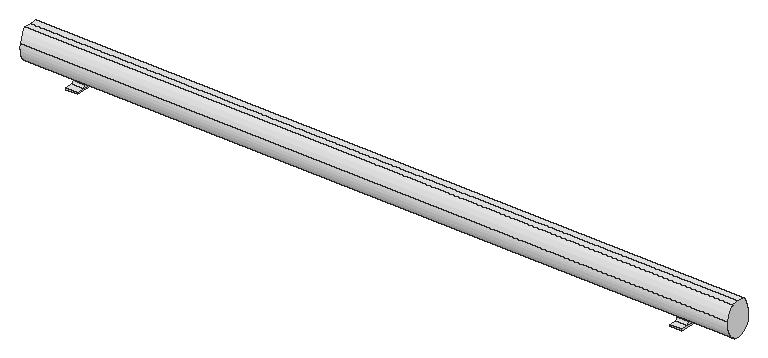
Revit family "Lighting-Linear-Acclaim-XTR", category Lighting Fixtures, host Face, Revit 2020
Family settings
  Host = Face
  Round Connector Dimension = Use Diameter
  Part Type = Normal
  Cut with Voids When Loaded = No
  Light Source = Yes
  Shared = No
  Room Calculation Point = No
Parameters
  Width = 1.73"
  Wattage = 9.2903 W
  built-in parameter 1150110 = 1 (stored number, unit not read)
  Voltage = 0 V
  URL = "http://www.acclaimlighting.com/"
  built-in parameter 1114217 = 1 (stored number, unit not read)
  Tilt Angle = -90.00°
  built-in parameter 1150109 = 1 (stored number, unit not read)
  built-in parameter 1150134 = 3
  built-in parameter 1150113 = 1 (stored number, unit not read)
  Power Factor = 1
  Photometric Web File = "Load File"
  Number of Poles = 1
  built-in parameter 1150142 = (empty or 0)
  Model = "Linear XTR"
  Manufacturer = "Acclaim Lighting"
  built-in parameter 1150105 = 109.82 (stored number, unit not read)
  Lumens = 1380 lm
  built-in parameter 1150115 = 1 (stored number, unit not read)
  built-in parameter 1150137 = (empty or 0)
  built-in parameter 1150139 = (empty or 0)
  Length = 48.00"
  built-in parameter 1150112 = 1 (stored number, unit not read)
  built-in parameter 1150114 = 1 (stored number, unit not read)
  Lamp = "LED"
  built-in parameter 1150132 = (empty or 0)
  built-in parameter 1150102 = (empty or 0)
  built-in parameter 1150107 = 3200 (stored number, unit not read)
  built-in parameter 1150138 = (empty or 0)
  built-in parameter 1150106 = 1.0982 (stored number, unit not read)
  Housing Finish = Aluminum
  Height = 2.52"
  Emit from Line Length = Length  # 48.00"
  built-in parameter 1150104 = 13.8 (stored number, unit not read)
  Dimming Lamp Color Temperature Shift = <None>
  Description = "Linear LED"
  Default Elevation = 48.00"
  Color Filter = 16777215
  built-in parameter 1114218 = 1 (stored number, unit not read)
  built-in parameter 1150133 = 10 (stored number, unit not read)
  Apparent Load = 0 VA
Reference planes (in)
  plane 1 "Center (Front/Back)": y = 0
  plane 2: z = 0
  plane 3 "Center (Left/Right)": x = 0
  plane 4: x = -2.86874
  plane 5: x = -2.08749
  plane 6: x = 2.06876
  plane 7: x = 2.85001
  plane 8: z = 2.52
  plane 9: y = 0.865
  plane 10: y = -0.865
  plane 11: x = -24
  plane 12: x = 24
  plane 13: y = 0.88591
  plane 14: y = -0.88591
  plane 15: z = 1.63587
Forms (in)
  Extrusion 1, solid, material "Aluminum"
    sketch origin (0, 0, 0) x (1, 0, 0) y (0, 1, 0)
      loop
        line (-20.86874, 0.88591) -> (-20.86874, -0.88591) -> (-20.08749, -0.88591) -> (-20.08749, 0.88591) -> (-20.86874, 0.88591)
    from 0 to 0.08906
  Extrusion 2, solid, material "Aluminum"
    sketch origin (0, 0, 0) x (-1, 0, 0) y (0, -1, 0)
      loop
        line (-20.86874, -0.88591) -> (-20.08749, -0.88591) -> (-20.08749, 0.88591) -> (-20.86874, 0.88591) -> (-20.86874, -0.88591)
    from 0 to 0.08906
  Extrusion 3, solid, material "Aluminum"
    sketch origin (0, 0, 0) x (0, 1, 0) y (0, 0, 1)
      loop
        arc (-0.28434, 0.28812) -> (-0.29316, 0.17861) -> (-0.3568, 0.08906) r 0.20692
        line (-0.3568, 0.08906) -> (0, 0.08906) -> (0.3568, 0.08906)
        arc (0.3568, 0.08906) -> (0.29316, 0.17861) -> (0.28434, 0.28812) r 0.20692
        line (0.28434, 0.28812) -> (0, 0.28812) -> (-0.28434, 0.28812)
    from 20.08749 to 20.86874
  Extrusion 4, solid, material "Aluminum"
    sketch origin (0, 0, 0) x (0, 1, 0) y (0, 0, -1)
      loop
        line (-0.28434, -0.28812) -> (0, -0.28812) -> (0.28434, -0.28812)
        arc (0.28434, -0.28812) -> (0.29316, -0.17861) -> (0.3568, -0.08906) r 0.20692
        line (0.3568, -0.08906) -> (0, -0.08906) -> (-0.3568, -0.08906)
        arc (-0.3568, -0.08906) -> (-0.29316, -0.17861) -> (-0.28434, -0.28812) r 0.20692
    from 20.08749 to 20.86874
  Extrusion 5, solid, material "Aluminum"
    sketch origin (0, 0, 0) x (0, 1, 0) y (0, 0, 1)
      loop
        arc (0.84613, 1.63587) -> (0.7172, 2.10079) -> (0.47835, 2.52) r 1.95551
        line (0.47835, 2.52) -> (0, 2.52) -> (-0.47835, 2.52)
        arc (-0.47835, 2.52) -> (-0.7172, 2.10079) -> (-0.84613, 1.63587) r 1.95551
        spline (-0.84613, 1.63587) -> (-0.8617, 1.30662) -> (-0.80197, 0.98589) -> (-0.67218, 0.70169) -> (-0.48366, 0.47887) -> (-0.25287, 0.33687) -> (0, 0.28812) -> (0.25287, 0.33687) -> (0.48366, 0.47887) -> (0.67218, 0.70169) -> (0.80197, 0.98589) -> (0.8617, 1.30662) -> (0.84613, 1.63587)
    from -24 to 24
Dimensions and locks (in)
  equal spacing: plane 9, plane 1 "Center (Front/Back)", plane 10
  "Width": plane 9 to plane 10
  equal spacing: plane 11, plane 3 "Center (Left/Right)", plane 12
  "Length": plane 11 to plane 12
  "Height": plane 8 to host face
  Extrusion 2 to Extrusion 2 to plane 12 = 0.78125" locked, 3.13126" locked
  plane 11 to Extrusion 1 to Extrusion 1 = 3.13126" locked, 0.78125" locked
  equal spacing: plane 13, plane 1 "Center (Front/Back)", plane 14
  plane 13 to plane 14 = 1.77182"
  aligned and locked: plane 2 to host face
  aligned and locked: level to host face
  aligned and locked: plane 14 to Extrusion 2 sketch curve
  aligned and locked: Extrusion 2 sketch curve to plane 13
  aligned and locked: Extrusion 1 to Extrusion 2  (x2)
  aligned and locked: Extrusion 2 to Extrusion 3  (x2)
  aligned and locked: plane 12 to Extrusion 5
  aligned and locked: Extrusion 5 to plane 11
  aligned and locked: Extrusion 1 to Extrusion 4  (x2)
Automatic sketch dimensions
  host sketch curve to host sketch curve = 96.00"  (x2)
  plane 10 to Extrusion 1 sketch curve = 0.02091"
  plane 11 to Extrusion 1 sketch curve = 3.13126"
  Extrusion 1 sketch curve to Extrusion 1 sketch curve = 0.78125"
  Extrusion 1 sketch curve to plane 9 = 0.02091"
  plane 12 to Extrusion 2 sketch curve = 3.13126"
  Extrusion 2 sketch curve to Extrusion 2 sketch curve = 0.78125"
  Extrusion 3 sketch curve to plane 1 "Center (Front/Back)" = 0.00"  (x2)
  plane 1 "Center (Front/Back)" to Extrusion 3 sketch curve = 0.28434"
  level to Extrusion 3 sketch curve = 0.08906"
  Extrusion 3 sketch curve to Extrusion 3 sketch curve = 0.07245"  (x2)
  Extrusion 3 sketch curve to Extrusion 3 sketch curve = 0.13081"
  Extrusion 3 sketch curve to Extrusion 3 sketch curve = 0.28434"
  Extrusion 3 sketch curve to Extrusion 3 sketch curve = 0.20326"
  Extrusion 3 sketch curve to Extrusion 3 sketch curve = 0.16033"
  Extrusion 4 sketch curve to plane 1 "Center (Front/Back)" = 0.00"  (x2)
  plane 1 "Center (Front/Back)" to Extrusion 4 sketch curve = 0.28434"
  level to Extrusion 4 sketch curve = 0.08906"
  Extrusion 4 sketch curve to Extrusion 4 sketch curve = 0.07245"  (x2)
  Extrusion 4 sketch curve to Extrusion 4 sketch curve = 0.20326"  (x2)
  Extrusion 4 sketch curve to Extrusion 4 sketch curve = 0.28434"
  Extrusion 4 sketch curve to Extrusion 4 sketch curve = 0.16033"
  Extrusion 5 sketch curve to plane 15 = 0.00"  (x2)
  Extrusion 5 sketch curve to plane 8 = 0.00"
  Extrusion 5 sketch curve to plane 1 "Center (Front/Back)" = 0.00"  (x2)
  Extrusion 5 sketch curve to plane 10 = 0.38665"
  plane 10 to Extrusion 5 sketch curve = 0.22333"
  Extrusion 5 sketch curve to Extrusion 5 sketch curve = 0.47835"
  Extrusion 5 sketch curve to plane 9 = 0.22333"
  Extrusion 5 sketch curve to plane 15 = 0.28614"
  Extrusion 5 sketch curve to plane 15 = 0.2318"
  level to Extrusion 5 sketch curve = 0.28812"
Connectors (in)
  electrical at (24, 0, 2.16635), driven by "Number of Poles", driven by "Voltage", driven by "Apparent Load", driven by "Power Factor"
    settings: on Extrusion 5, index 1, voltage 0 V, apparent load 0 VA, apparent load phase1 0 VA, apparent load phase2 0 VA, apparent load phase3 0 VA, power factor 1, load classification "Other", number of poles 1, system type 31, power factor state 1, is connector primary yes, connector utility no, sub classification motor no, connector description "Power"
